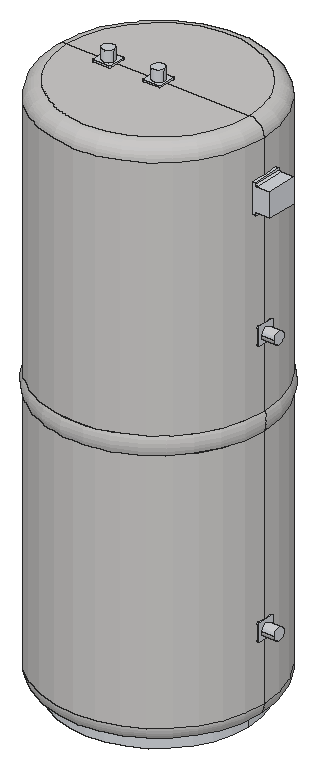
Revit family
Parameters (values of type "720 X 1900")
  Return Radius = Return Diameter / 2  # 20 mm
  Outlet Pipe Radius = Outlet Pipe Diameter / 2  # 20 mm
  Inlet Pipe Radius = Inlet Pipe Diameter / 2  # 20 mm
  Inlet Pipe Diameter = 40 mm
  Outlet Pipe Diameter = 40 mm
  Drain Radius = Drain Diameter / 2  # 20 mm
  Return Diameter = 40 mm
  Drain Diameter = 40 mm
  Heater Diameter = 720 mm
  URL = "http://www.autospec.co.za/browse.php?id=1937216687"
  Product Code = "MF450V"
  Operating Pressure = 400 kPa
  OmniClass Title = ""
  OmniClass Number = ""
  Modspec Classification = ""
  Specification = ""
  Material = Galvanised Steel
  Mass = "124 Kg"
  Location (revit room) = ""
  Model = "Water Heater Megaflo Vertical - 450 Litre"
  Manufacturer = "Kwikot"  # constant formula
  Height = 1900 mm
  Element Rating = 18 kW
  Cap Material = none
  Colour = none
  Capacity = 450.00 L
  Body Finish = none
  Assembly Code = "D3010500"
Reference planes
  plane 1 "Center (Front/Back)": y = 0
  plane 2 "Bottom": z = 0
  plane 3 "Center (Left/Right)": x = 0
  plane 4 "Right": x = 360
  plane 5: y = 360
  plane 6 "Top": z = 1900
  plane 7 "Left": x = -360
  plane 8: y = -360
  plane 9: x = 307.5
  plane 10: x = -307.5
  plane 11: z = 40
  plane 12: z = 320
  plane 13: z = 1220
  plane 14: z = 1860
Forms (mm)
  Revolve 1, solid, material "Galvanised Steel" <- "Material"
    sketch origin (0, 0, 0) x (1, 0, 0) y (0, 0, 1)
      loop
        line (0, 40) -> (310, 40)
        arc (310, 40) -> (345.355, 54.645) -> (360, 90) r 50
        line (360, 90) -> (360, 919.918)
        arc (360, 919.918) -> (366.794, 950) -> (360, 980.082) r 70
        line (360, 980.082) -> (360, 1810)
        arc (360, 1810) -> (345.355, 1845.355) -> (310, 1860) r 50
        line (310, 1860) -> (0, 1860) -> (0, 40)
      axis (0, 40) -> (0, 1860)
    angle from 0 to 360
  Revolve 2, solid
    sketch origin (0, 0, 0) x (1, 0, 0) y (0, 0, 1)
      loop
        line (0, 0) -> (307.5, 0) -> (307.5, 40) -> (0, 40) -> (0, 0)
      axis (0, 0) -> (0, 40)
    angle from 0 to 360
  Extrusion 3, solid
    sketch origin (-360, -472.12, 1200) x (0, -1, 0) y (0, 0, 1)
      loop
        circle (-472.12, -880) r 20
    from 0 to 50
  Extrusion 4, solid
    sketch origin (360, -298.705, 1200) x (0, -1, 0) y (0, 0, 1)
      loop
        circle (-298.705, -880) r 20
    from 0 to -50
  Extrusion 5, solid
    sketch origin (-360, -472.12, 2100) x (0, -1, 0) y (0, 0, 1)
      loop
        circle (-472.12, -880) r 20
    from 0 to 50
  Extrusion 6, solid
    sketch origin (360, -298.705, 1200) x (0, -1, 0) y (0, 0, 1)
      loop
        circle (-298.705, 20) r 20
    from 0 to -50
  Extrusion 7, solid
    sketch origin (-194.22, -1524, 1900) x (-1, 0, 0) y (0, -1, 0)
      loop
        circle (-194.22, -1524) r 20
    from 0 to -40
  Extrusion 8, solid
    sketch origin (-194.22, -1524, 1900) x (-1, 0, 0) y (0, -1, 0)
      loop
        circle (-24.22, -1524) r 20
    from 0 to -40
  Extrusion 9, solid
    sketch origin (-360, -472.12, 1200) x (0, -1, 0) y (0, 0, 1)
      loop
        arc (-497.12, -850) -> (-500.656, -851.464) -> (-502.12, -855) r 5
        line (-502.12, -855) -> (-502.12, -905)
        arc (-502.12, -905) -> (-500.656, -908.536) -> (-497.12, -910) r 5
        line (-497.12, -910) -> (-447.12, -910)
        arc (-447.12, -910) -> (-443.585, -908.536) -> (-442.12, -905) r 5
        line (-442.12, -905) -> (-442.12, -855)
        arc (-442.12, -855) -> (-443.585, -851.464) -> (-447.12, -850) r 5
        line (-447.12, -850) -> (-497.12, -850)
    from 0 to 5
  Extrusion 10, solid
    sketch origin (360, -298.705, 1200) x (0, -1, 0) y (0, 0, 1)
      loop
        arc (-323.705, -850) -> (-327.241, -851.464) -> (-328.705, -855) r 5
        line (-328.705, -855) -> (-328.705, -905)
        arc (-328.705, -905) -> (-327.241, -908.536) -> (-323.705, -910) r 5
        line (-323.705, -910) -> (-273.705, -910)
        arc (-273.705, -910) -> (-270.17, -908.536) -> (-268.705, -905) r 5
        line (-268.705, -905) -> (-268.705, -855)
        arc (-268.705, -855) -> (-270.17, -851.464) -> (-273.705, -850) r 5
        line (-273.705, -850) -> (-323.705, -850)
    from 0 to -5
  Extrusion 11, solid
    sketch origin (-360, -472.12, 2100) x (0, -1, 0) y (0, 0, 1)
      loop
        arc (-497.12, -850) -> (-500.656, -851.464) -> (-502.12, -855) r 5
        line (-502.12, -855) -> (-502.12, -905)
        arc (-502.12, -905) -> (-500.656, -908.536) -> (-497.12, -910) r 5
        line (-497.12, -910) -> (-447.12, -910)
        arc (-447.12, -910) -> (-443.585, -908.536) -> (-442.12, -905) r 5
        line (-442.12, -905) -> (-442.12, -855)
        arc (-442.12, -855) -> (-443.585, -851.464) -> (-447.12, -850) r 5
        line (-447.12, -850) -> (-497.12, -850)
    from 0 to 5
  Extrusion 12, solid
    sketch origin (360, -298.705, 2100) x (0, -1, 0) y (0, 0, 1)
      loop
        arc (-323.705, -850) -> (-327.241, -851.464) -> (-328.705, -855) r 5
        line (-328.705, -855) -> (-328.705, -905)
        arc (-328.705, -905) -> (-327.241, -908.536) -> (-323.705, -910) r 5
        line (-323.705, -910) -> (-273.705, -910)
        arc (-273.705, -910) -> (-270.17, -908.536) -> (-268.705, -905) r 5
        line (-268.705, -905) -> (-268.705, -855)
        arc (-268.705, -855) -> (-270.17, -851.464) -> (-273.705, -850) r 5
        line (-273.705, -850) -> (-323.705, -850)
    from 0 to -5
  Extrusion 13, solid
    sketch origin (-513.769, -1524, 1860) x (-1, 0, 0) y (0, -1, 0)
      loop
        arc (-318.769, -1554) -> (-315.233, -1552.536) -> (-313.769, -1549) r 5
        line (-313.769, -1549) -> (-313.769, -1499)
        arc (-313.769, -1499) -> (-315.233, -1495.464) -> (-318.769, -1494) r 5
        line (-318.769, -1494) -> (-368.769, -1494)
        arc (-368.769, -1494) -> (-372.304, -1495.464) -> (-373.769, -1499) r 5
        line (-373.769, -1499) -> (-373.769, -1549)
        arc (-373.769, -1549) -> (-372.304, -1552.536) -> (-368.769, -1554) r 5
        line (-368.769, -1554) -> (-318.769, -1554)
    from 0 to 5
  Extrusion 14, solid
    sketch origin (-343.769, -1524, 1860) x (-1, 0, 0) y (0, -1, 0)
      loop
        arc (-318.769, -1554) -> (-315.233, -1552.536) -> (-313.769, -1549) r 5
        line (-313.769, -1549) -> (-313.769, -1499)
        arc (-313.769, -1499) -> (-315.233, -1495.464) -> (-318.769, -1494) r 5
        line (-318.769, -1494) -> (-368.769, -1494)
        arc (-368.769, -1494) -> (-372.304, -1495.464) -> (-373.769, -1499) r 5
        line (-373.769, -1499) -> (-373.769, -1549)
        arc (-373.769, -1549) -> (-372.304, -1552.536) -> (-368.769, -1554) r 5
        line (-368.769, -1554) -> (-318.769, -1554)
    from 0 to 5
  Extrusion 15, solid
    sketch origin (0, 0, 0) x (1, 0, 0) y (0, 0, 1)
      loop
        line (360, 1700) -> (360, 1600) -> (370, 1600) -> (370, 1605)
        arc (370, 1605) -> (371.464, 1608.536) -> (375, 1610) r 5
        line (375, 1610) -> (420, 1610) -> (420, 1690) -> (375, 1690)
        arc (375, 1690) -> (371.464, 1691.464) -> (370, 1695) r 5
        line (370, 1695) -> (370, 1700) -> (360, 1700)
    from -50 to 50
Lines and regions (mm)
  symbolic lines
    curve 1: arc (360, 0, 1900) -> (0, 360, 1900) -> (-360, 0, 1900) r 360
    curve 2: arc (-360, 0, 1900) -> (0, -360, 1900) -> (360, 0, 1900) r 360
    curve 3: arc (-190, 0, 1900) -> (-170, -20, 1900) -> (-150, 0, 1900) r 20
    curve 4: arc (-150, 0, 1900) -> (-170, 20, 1900) -> (-190, 0, 1900) r 20
    curve 5: arc (-20, 0, 1900) -> (0, -20, 1900) -> (20, 0, 1900) r 20
    curve 6: arc (20, 0, 1900) -> (0, 20, 1900) -> (-20, 0, 1900) r 20
    curve 7: line (410, -20, 1900) -> (410, 20, 1900)
    curve 8: line (-410, 20, 1900) -> (-410, -20, 1900)
    curve 9: line (-410, 20, 1900) -> (-359.444, 20, 1900)
    curve 10: line (-410, -20, 1900) -> (-359.444, -20, 1900)
    curve 11: line (410, -20, 1900) -> (359.444, -20, 1900)
    curve 12: line (410, 20, 1900) -> (359.444, 20, 1900)
Dimensions and locks
  "Height": plane 6 "Top" to plane 2 "Bottom"
  "Heater Diameter": plane 7 "Left" to plane 4 "Right"
  equal spacing: plane 7 "Left", plane 3 "Center (Left/Right)", plane 4 "Right"
  plane 10 to plane 9 = 615 mm
  equal spacing: plane 10, plane 3 "Center (Left/Right)", plane 9
  plane 11 to plane 2 "Bottom" = 40 mm
  plane 12 to plane 2 "Bottom" = 320 mm
  plane 13 to plane 12 = 900 mm
  plane 6 "Top" to plane 14 = 40 mm
  Extrusion 8 sketch curve to plane 3 "Center (Left/Right)" = 170 mm
  "Drain Radius": radius of Extrusion 3 sketch curve
  "Inlet Pipe Radius": radius of Extrusion 4 sketch curve
  "Return Radius": radius of Extrusion 5 sketch curve
  "Return Radius": radius of Extrusion 6 sketch curve
  "Outlet Pipe Radius": radius of Extrusion 7 sketch curve
  radius of Extrusion 8 sketch curve = 20 mm
  radius of Revolve 1 sketch curve = 50 mm  (x2)
  aligned and locked: level to plane 2 "Bottom"
  aligned and locked: Revolve 1 sketch curve to plane 3 "Center (Left/Right)"
  aligned and locked: Revolve 1 sketch curve to plane 4 "Right"
  aligned and locked: plane 3 "Center (Left/Right)" to Revolve 1 sketch curve
  aligned and locked: Revolve 2 sketch curve to level
  aligned and locked: Revolve 2 sketch curve to plane 3 "Center (Left/Right)"
  aligned and locked: plane 11 to Revolve 2 sketch curve
  aligned and locked: Revolve 2 sketch curve to plane 9
  aligned and locked: plane 3 "Center (Left/Right)" to Revolve 2 sketch curve
  aligned and locked: Revolve 1 sketch curve to plane 11
  aligned and locked: plane 12 to Extrusion 3 sketch curve
  aligned and locked: plane 1 "Center (Front/Back)" to Extrusion 3 sketch curve
  aligned and locked: plane 12 to Extrusion 4 sketch curve
  aligned and locked: plane 1 "Center (Front/Back)" to Extrusion 4 sketch curve
  aligned and locked: plane 13 to Extrusion 5 sketch curve
  aligned and locked: plane 1 "Center (Front/Back)" to Extrusion 5 sketch curve
  aligned and locked: plane 13 to Extrusion 6 sketch curve
  aligned and locked: plane 1 "Center (Front/Back)" to Extrusion 6 sketch curve
  aligned and locked: plane 14 to Revolve 1 sketch curve
  aligned and locked: plane 1 "Center (Front/Back)" to Extrusion 7 sketch curve
  aligned and locked: plane 3 "Center (Left/Right)" to Extrusion 7 sketch curve
  aligned and locked: plane 6 "Top" to Extrusion 7
  aligned and locked: Extrusion 7 to plane 14
  aligned and locked: plane 1 "Center (Front/Back)" to Extrusion 8 sketch curve
  aligned and locked: plane 6 "Top" to Extrusion 8
  aligned and locked: Extrusion 8 to plane 14
  aligned and locked: Extrusion 10 sketch curve to Extrusion 9  (x4)
  aligned and locked: Extrusion 12 sketch curve to Extrusion 11  (x4)
  aligned and locked: curve 1 to Revolve 1
  aligned and locked: curve 2 to Revolve 1
  aligned and locked: curve 3 to Extrusion 8
  aligned and locked: curve 4 to Extrusion 8
  aligned and locked: curve 5 to Extrusion 7
  aligned and locked: curve 6 to Extrusion 7
  aligned and locked: curve 7 to Extrusion 6
  aligned and locked: curve 8 to Extrusion 5
  aligned and locked: Extrusion 15 sketch curve to plane 4 "Right"
Automatic sketch dimensions
  plane 4 "Right" to Revolve 1 sketch curve = 0 mm
  plane 9 to Revolve 1 sketch curve = 10.706 mm
  Revolve 1 sketch curve to level = 300 mm
  Revolve 1 sketch curve to plane 13 = 300.082 mm
  Revolve 1 sketch curve to Revolve 1 sketch curve = 30.082 mm
  plane 6 "Top" to Revolve 1 sketch curve = 300 mm
  Revolve 2 sketch curve to level = 100 mm
  plane 11 to Revolve 2 sketch curve = 60 mm
  Extrusion 9 sketch curve to plane 1 "Center (Front/Back)" = 30 mm
  Extrusion 9 sketch curve to Extrusion 9 sketch curve = 5 mm  (x3)
  plane 1 "Center (Front/Back)" to Extrusion 9 sketch curve = 25 mm  (x2)
  Extrusion 9 sketch curve to plane 12 = 30 mm
  plane 12 to Extrusion 9 sketch curve = 25 mm
  Extrusion 11 sketch curve to plane 1 "Center (Front/Back)" = 30 mm
  Extrusion 11 sketch curve to Extrusion 11 sketch curve = 5 mm  (x3)
  plane 1 "Center (Front/Back)" to Extrusion 11 sketch curve = 25 mm  (x2)
  Extrusion 11 sketch curve to plane 13 = 30 mm
  plane 13 to Extrusion 11 sketch curve = 25 mm
  plane 1 "Center (Front/Back)" to Extrusion 13 sketch curve = 25 mm
  Extrusion 13 sketch curve to plane 3 "Center (Left/Right)" = 140 mm
  Extrusion 13 sketch curve to Extrusion 13 sketch curve = 5 mm  (x3)
  Extrusion 13 sketch curve to Extrusion 13 sketch curve = 50 mm  (x2)
  Extrusion 13 sketch curve to plane 1 "Center (Front/Back)" = 25 mm
  plane 3 "Center (Left/Right)" to Extrusion 14 sketch curve = 30 mm
  Extrusion 14 sketch curve to Extrusion 14 sketch curve = 5 mm  (x3)
  Extrusion 14 sketch curve to plane 3 "Center (Left/Right)" = 25 mm  (x2)
  Extrusion 14 sketch curve to plane 1 "Center (Front/Back)" = 30 mm
  plane 1 "Center (Front/Back)" to Extrusion 14 sketch curve = 25 mm
  plane 1 "Center (Front/Back)" to curve 11 = 20 mm
  curve 11 to plane 4 "Right" = 50 mm
  plane 4 "Right" to curve 12 = 0.556 mm
  curve 10 to plane 7 "Left" = 0.556 mm
  curve 9 to plane 7 "Left" = 0.556 mm
  plane 7 "Left" to curve 8 = 50 mm
  Extrusion 15 sketch curve to plane 4 "Right" = 10 mm  (x2)
  Extrusion 15 sketch curve to Extrusion 15 sketch curve = 5 mm  (x4)
  Extrusion 15 sketch curve to Extrusion 15 sketch curve = 45 mm
  Extrusion 15 sketch curve to plane 14 = 260 mm
  Extrusion 15 sketch curve to Extrusion 15 sketch curve = 80 mm
Connectors
  piping at (410, 0, 320), driven by "Inlet Pipe Radius"
    settings: on Extrusion 4, index 1, connector radius 20 mm, flow factor 0, pipe flow 0.0 L/s, pressure drop 0 kPa, fitting loss kfactor 0, connector angle 0.00°, fixture units 0, flow configuration 2, flow direction 1, fitting loss method 4, system type 20, connector reference index -1, connector utility 0, adjustable connector no, is connector primary yes, fitting loss table "", connector description "Inlet connection"
  piping at (0, 0, 1900), driven by "Outlet Pipe Radius"
    settings: on Extrusion 7, index 2, connector radius 20 mm, flow factor 0, pipe flow 0.0 L/s, pressure drop 400 kPa, fitting loss kfactor 0, connector angle 0.00°, fixture units 0, flow configuration 2, flow direction 2, fitting loss method 4, system type 19, connector reference index -1, connector utility 0, adjustable connector no, is connector primary no, fitting loss table "", connector description "Outlet Connection"
  electrical at (420, 0, 1650), driven by "Element Rating"
    settings: on Extrusion 15, index 3, voltage 0 V, apparent load 18 kW, apparent load phase1 0 kW, apparent load phase2 0 kW, apparent load phase3 0 kW, power factor 1, load classification "Other", number of poles 1, system type 30, power factor state 1, is connector primary yes, connector utility no, sub classification motor no, connector description "Electrical Connection"
  piping at (-410, 0, 320), driven by "Drain Radius"
    settings: on Extrusion 3, index 4, connector radius 20 mm, flow factor 0, pipe flow 0.0 L/s, pressure drop 0 kPa, fitting loss kfactor 0, connector angle 0.00°, fixture units 0, flow configuration 2, flow direction 2, fitting loss method 4, system type 22, connector reference index -1, connector utility 0, adjustable connector no, is connector primary no, fitting loss table "", connector description "Drain Connection"
  piping at (-410, 0, 1220), driven by "Return Radius"
    settings: on Extrusion 5, index 5, connector radius 20 mm, flow factor 0, pipe flow 0.0 L/s, pressure drop 0 kPa, fitting loss kfactor 0, connector angle 0.00°, fixture units 0, flow configuration 2, flow direction 2, fitting loss method 4, system type 8, connector reference index -1, connector utility 0, adjustable connector no, is connector primary no, fitting loss table "", connector description "Return connection"
  piping at (410, 0, 1220), driven by "Return Radius"
    settings: on Extrusion 6, index 6, connector radius 20 mm, flow factor 0, pipe flow 0.0 L/s, pressure drop 0 kPa, fitting loss kfactor 0, connector angle 0.00°, fixture units 0, flow configuration 2, flow direction 2, fitting loss method 4, system type 8, connector reference index -1, connector utility 0, adjustable connector no, is connector primary no, fitting loss table "", connector description "Return connection"
